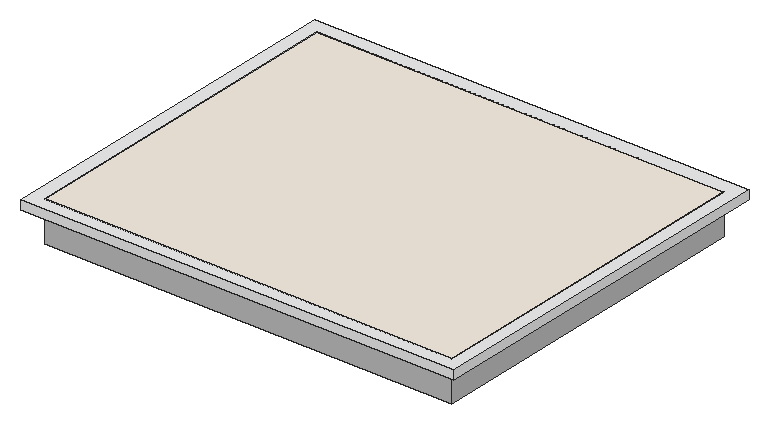
Revit family "Lighting-Industrial-GEWISS-ELIA-HL-LED_HIGHBAY", category Apparecchi per illuminazione, host Superficie, Revit 2019 (continued)
Types (12, lengths in mm): name | Weight (kg): | Weight (kg) | Voltage | Technical sheet | System power | Optic | built-in parameter 1150142 | Lumen output (lm) | Model | IDT | File diagramma fotometrico | Description
    .56 4562.15 4416.81 4273.16 4132.89 3996.85 \r\n3863.34 3734.90 3611.53 3489.85 3367.32 3246.49 3129.03 \r\n3017.49 2910.18 2806.24 2703.15 2602.60 2502.89 2407.40 \r\n2317.84 2231.64 2147.99 2068.56 1990.82 1914.77 1842.10 \r\n1772.81 1704.36 1639.72 1576.35 1515.17 1456.61 1400.42 \r\n1346.85 1295.13 1244.52 1195.84 1149.96 1106.11 1063.26 \r\n1021.86 981.64 943.19 906.94 872.38 838.49 806.13 775.63 \r\n746.73 719.26 692.73 666.62 641.19 616.60 593.36 571.73 \r\n551.45 531.93 513.08 494.92 476.92 458.92 440.84 422.58 \r\n405.09 389.63 375.18 361.49 348.22 335.04 321.78 308.00 \r\n294.40 281.30 269.13 259.08 250.54 244.46 238.71 231.19 \r\n222.74 213.36 203.39 193.00 182.18 171.37 159.84 146.68 \r\n133.15 120.63 107.86 93.63 79.18 65.32 52.15 39.83 28.98 \r\n20.42 13.73 8.89 5.62 3.58 2.89 \r\n12448.54 12447.69 12442.62 12435.86 12424.88 12410.51 \r\n12393.61 12375.87 12354.74 12331.08 12304.04 12273.62 \r\n12241.51 12206.87 12172.22 12135.04 12096.17 12055.61 \r\n12011.67 11966.04 11918.72 11867.18 11814.79 11758.17 \r\n11699.87 11639.87 11576.50 11512.28 11444.68 11374.54 \r\n11304.41 11230.89 11154.84 11076.26 10996.83 10914.86 \r\n10832.06 10747.56 10660.52 10573.48 10483.07 10391.81 \r\n10295.48 10193.23 10085.92 9974.38 9858.61 9737.78 \r\n9611.03 9481.74 9349.08 9212.19 9071.92 8926.58 8774.48 \r\n8611.39 8439.01 8256.49 8068.90 7881.31 7688.65 7492.61 \r\n7293.19 7092.08 6894.35 6706.76 6523.40 6346.80 6173.57 \r\n6003.72 5836.41 5668.26 5501.80 5339.55 5180.69 5020.14 \r\n4863.82 4709.18 4558.77 4413.43 4269.78 4129.51 3991.78 \r\n3859.11 3729.83 3606.46 3484.78 3362.25 3242.26 3126.50 \r\n3015.80 2908.49 2804.55 2702.31 2601.75 2502.89 2407.40 \r\n2318.68 2232.49 2149.68 2070.25 1992.51 1917.30 1845.48 \r\n1774.50 1707.74 1642.76 1579.73 1518.97 1460.50 1404.39 \r\n1350.23 1297.92 1246.80 1197.70 1151.65 1107.54 1064.62 \r\n1022.96 982.65 944.03 907.78 873.14 839.51 807.31 776.72 \r\n747.57 720.11 693.41 667.38 642.03 617.36 593.87 572.06 \r\n551.53 531.59 512.75 494.92 477.51 459.51 441.34 422.92 \r\n405.18 389.63 375.26 361.58 348.31 335.04 321.78 308.09 \r\n294.65 281.47 269.39 258.99 250.29 243.87 237.87 230.52 \r\n222.15 212.86 202.80 192.15 181.08 170.15 158.63 145.50 \r\n132.00 119.42 106.62 92.45 78.12 64.41 51.44 39.39 28.78 \r\n20.33 13.70 8.88 5.60 3.56 2.87 \r\n12448.54 12447.69 12442.62 12435.86 12424.88 12410.51 \r\n12394.46 12375.87 12355.59 12331.93 12305.73 12274.47 \r\n12242.36 12208.56 12173.91 12136.73 12097.02 12056.46 \r\n12013.36 11968.58 11920.41 11868.87 11815.63 11760.71 \r\n11702.41 11642.41 11579.03 11514.81 11447.22 11378.77 \r\n11307.79 11234.27 11159.07 11081.33 11001.06 10919.93 \r\n10837.12 10751.78 10664.74 10576.86 10488.14 10395.19 \r\n10299.70 10198.31 10090.99 9980.29 9864.53 9743.69 \r\n9617.79 9488.50 9355.84 9218.95 9078.68 8934.18 8782.08 \r\n8620.69 8449.15 8267.48 8079.04 7888.92 7696.26 7498.53 \r\n7297.42 7095.47 6896.04 6705.92 6522.55 6345.10 6171.88 \r\n6002.03 5833.88 5665.72 5498.41 5336.17 5175.63 5016.77 \r\n4860.44 4705.80 4554.55 4408.36 4265.56 4124.44 3987.55 \r\n3854.05 3724.76 3600.55 3479.71 3358.03 3238.88 3123.12 \r\n3012.42 2905.95 2802.02 2700.62 2600.06 2502.89 2408.25 \r\n2318.68 2233.34 2151.37 2071.94 1994.20 1919.84 1847.17 \r\n1777.88 1710.28 1645.72 1583.02 1522.61 1464.47 1408.19 \r\n1353.69 1300.62 1249.08 1199.65 1153.26 1108.98 1065.80 \r\n1024.06 983.58 944.88 908.54 873.90 840.44 808.33 777.74 \r\n748.50 720.70 694.08 668.06 642.79 618.03 594.37 572.32 \r\n551.53 531.34 512.32 495.00 478.10 460.10 441.77 423.09 \r\n405.18 389.71 375.35 361.66 348.31 334.96 321.61 308.09 \r\n294.74 281.72 269.64 258.99 249.95 243.19 237.02 229.67 \r\n221.56 212.35 202.29 191.31 180.07 169.03 157.42 144.33 \r\n130.89 118.23 105.37 91.27 77.06 63.50 50.71 38.94 28.60 \r\n20.26 13.68 8.86 5.57 3.54 2.86 \r\n12448.54 12447.69 12442.62 12435.02 12424.88 12410.51 \r\n12394.46 12376.72 12356.43 12332.77 12305.73 12276.16 \r\n12243.20 12209.40 12174.76 12137.58 12098.71 12058.15 \r\n12014.21 11969.42 11922.10 11870.56 11818.17 11762.40 \r\n11704.09 11644.94 11581.57 11517.35 11451.44 11382.15 \r\n11312.01 11238.50 11164.14 11085.56 11005.28 10923.31 \r\n10840.50 10755.16 10668.97 10581.09 10491.52 10399.41 \r\n10304.77 10202.53 10096.06 9985.36 9870.44 9748.76 \r\n9623.70 9494.42 9361.75 9225.71 9085.44 8940.94 8790.53 \r\n8629.14 8459.30 8276.77 8088.34 7897.37 7703.86 7504.44 \r\n7302.49 7098.00 6896.89 6705.07 6520.86 6343.41 6170.19 \r\n6000.34 5830.50 5661.50 5495.03 5332.80 5171.40 5011.69 \r\n4855.37 4701.58 4551.17 4404.98 4262.18 4121.06 3982.48 \r\n3848.97 3719.69 3595.47 3474.64 3353.80 3234.66 3120.59 \r\n3010.73 2904.26 2799.48 2698.09 2599.22 2502.05 2408.25 \r\n2319.52 2234.18 2151.37 2072.78 1995.04 1921.53 1849.70 \r\n1780.41 1712.81 1648.43 1586.23 1526.15 1468.27 1411.91 \r\n1356.90 1303.24 1251.28 1201.34 1154.78 1110.33 1066.90 \r\n1024.98 984.42 945.55 909.22 874.57 841.28 809.26 778.50 \r\n749.18 721.29 694.59 668.65 643.38 618.62 594.71 572.49 \r\n551.45 531.00 511.82 495.00 478.52 460.52 442.10 423.26 \r\n405.26 389.71 375.35 361.66 348.31 334.79 321.44 308.09 \r\n294.90 281.89 269.72 258.99 249.61 242.43 235.92 228.83 \r\n220.88 211.76 201.79 190.63 178.97 167.84 156.22 143.20 \r\n129.83 117.08 104.13 90.09 76.02 62.60 50.01 38.51 28.41 \r\n20.20 13.65 8.85 5.55 3.52 2.84 \r\n12448.54 12446.85 12442.62 12435.02 12424.88 12410.51 \r\n12394.46 12376.72 12356.43 12333.62 12306.58 12277.00 \r\n12244.89 12211.09 12176.45 12138.42 12099.56 12058.15 \r\n12015.06 11971.11 11922.95 11872.25 11819.86 11764.93 \r\n11706.63 11646.63 11584.95 11519.88 11453.97 11385.53 \r\n11315.39 11242.72 11167.52 11089.78 11009.50 10928.38 \r\n10843.88 10759.38 10672.35 10584.47 10494.90 10403.64 \r\n10309.00 10207.60 10101.13 9991.28 9875.51 9754.68 \r\n9628.77 9501.18 9368.51 9231.63 9092.20 8947.70 8797.29 \r\n8637.59 8467.74 8285.22 8096.79 7904.97 7709.78 7509.51 \r\n7306.72 7099.69 6896.89 6705.07 6519.17 6340.88 6167.65 \r\n5996.12 5827.12 5658.12 5490.81 5327.72 5165.48 5007.47 \r\n4850.30 4696.51 4546.94 4400.76 4258.80 4116.84 3978.26 \r\n3843.90 3713.77 3590.40 3469.57 3349.58 3230.43 3117.20 \r\n3008.20 2900.88 2796.10 2695.55 2597.53 2500.35 2408.25 \r\n2319.52 2234.18 2151.37 2072.78 1996.73 1922.37 1851.39 \r\n1782.10 1715.35 1650.88 1589.02 1529.37 1471.65 1415.37 \r\n1359.86 1305.69 1253.22 1203.03 1156.13 1111.34 1067.74 \r\n1025.66 984.93 945.98 909.56 874.91 841.87 810.10 779.26 \r\n749.77 721.71 694.93 669.07 643.97 619.05 595.05 572.49 \r\n551.19 530.49 511.31 494.92 478.86 460.95 442.44 423.43 \r\n405.26 389.63 375.26 361.58 348.14 334.62 321.27 307.92 \r\n294.99 282.06 269.81 258.82 249.11 241.67 235.08 227.81 \r\n220.12 211.25 201.28 189.79 177.96 166.66 155.02 142.10 \r\n128.81 115.98 102.93 88.94 74.99 61.72 49.31 38.09 28.25 \r\n20.13 13.63 8.83 5.53 3.50 2.82 \r\n12448.54 12446.85 12442.62 12435.02 12424.88 12411.36 \r\n12395.31 12377.56 12357.28 12334.47 12307.42 12277.85 \r\n12245.74 12211.94 12176.45 12140.11 12100.40 12058.99 \r\n12016.74 11971.11 11924.64 11873.94 11821.55 11766.62 \r\n11708.32 11649.17 11588.33 11524.11 11457.35 11388.91 \r\n11317.93 11246.10 11170.90 11093.16 11013.73 10931.76 \r\n10848.11 10762.76 10676.57 10587.85 10498.28 10407.86 \r\n10312.38 10211.82 10106.20 9995.50 9879.74 9759.75 \r\n9634.69 9506.25 9373.58 9237.54 9098.11 8953.62 8804.06 \r\n8645.19 8476.19 8294.52 8104.39 7911.73 7715.69 7514.58 \r\n7310.09 7102.22 6896.89 6703.38 6516.64 6339.19 6165.12 \r\n5993.58 5823.74 5653.89 5486.58 5321.81 5160.41 5000.71 \r\n4844.38 4692.28 4541.88 4396.53 4254.57 4112.61 3974.88 \r\n3838.83 3709.55 3586.18 3465.34 3344.51 3227.05 3114.67 \r\n3005.66 2898.35 2792.72 2692.17 2594.15 2498.66 2406.56 \r\n2317.84 2233.34 2151.37 2072.78 1996.73 1924.06 1852.24 \r\n1783.79 1717.04 1652.74 1591.30 1532.07 1474.44 1418.16 \r\n1362.31 1307.64 1254.82 1204.21 1156.97 1112.02 1068.33 \r\n1026.08 985.19 946.23 909.73 875.17 842.30 810.61 779.77 \r\n750.11 721.88 695.01 669.32 644.23 619.30 595.13 572.40 \r\n550.77 529.81 510.63 494.58 479.03 461.20 442.53 423.60 \r\n405.35 389.71 375.18 361.32 347.89 334.37 320.85 307.83 \r\n294.90 282.15 269.89 258.65 248.68 240.91 234.06 226.97 \r\n219.36 210.74 200.86 189.11 176.86 165.50 153.87 141.06 \r\n127.85 114.92 101.77 87.84 74.00 60.87 48.66 37.69 28.09 \r\n20.07 13.60 8.82 5.50 3.48 2.80 \r\n12448.54 12446.85 12442.62 12435.02 12424.88 12411.36 \r\n12395.31 12377.56 12357.28 12335.31 12309.11 12278.69 \r\n12246.58 12212.78 12178.14 12140.11 12101.24 12060.68 \r\n12016.74 11971.96 11924.64 11875.63 11823.24 11767.47 \r\n11710.85 11651.70 11590.02 11526.64 11460.73 11392.29 \r\n11321.31 11249.48 11175.12 11097.38 11017.95 10935.14 \r\n10851.49 10766.14 10679.11 10591.23 10501.66 10410.40 \r\n10316.60 10215.20 10110.42 10000.57 9884.81 9764.82 \r\n9639.76 9510.47 9378.66 9243.45 9104.03 8960.38 8809.97 \r\n8651.95 8483.80 8302.13 8112.00 7918.49 7720.76 7518.81 \r\n7312.63 7103.91 6897.73 6701.69 6514.95 6334.97 6161.74 \r\n5989.36 5818.67 5649.67 5481.52 5316.74 5154.50 4995.64 \r\n4839.31 4686.37 4537.65 4393.15 4249.50 4109.23 3970.65 \r\n3835.45 3704.48 3581.11 3461.96 3341.13 3222.83 3111.29 \r\n3002.28 2894.97 2790.19 2688.79 2591.61 2496.13 2404.02 \r\n2316.14 2231.64 2150.52 2071.94 1995.89 1924.06 1853.09 \r\n1784.64 1717.88 1653.92 1592.91 1534.01 1476.64 1420.36 \r\n1364.08 1309.16 1255.92 1205.05 1157.65 1112.36 1068.50 \r\n1026.17 985.19 946.06 909.56 875.08 842.38 810.86 780.02 \r\n750.28 721.97 694.93 669.24 644.40 619.30 595.05 572.06 \r\n550.18 529.14 509.87 494.32 479.20 461.29 442.53 423.51 \r\n405.35 389.63 375.01 361.07 347.55 333.94 320.51 307.50 \r\n294.82 282.15 269.81 258.40 248.01 240.15 233.05 226.04 \r\n218.60 210.15 200.35 188.35 175.84 164.38 152.75 140.06 \r\n126.97 113.96 100.71 86.81 73.07 60.08 48.04 37.32 27.94 \r\n20.00 13.57 8.80 5.48 3.46 2.79 \r\n12448.54 12446.85 12442.62 12435.02 12424.88 12411.36 \r\n12395.31 12377.56 12358.97 12336.15 12309.96 12279.54 \r\n12247.43 12214.47 12178.98 12141.81 12102.09 12060.68 \r\n12017.59 11973.65 11926.33 11876.47 11824.08 11769.16 \r\n11712.54 11653.39 11592.56 11529.18 11464.11 11395.67 \r\n11324.69 11252.86 11178.50 11100.76 11020.49 10938.52 \r\n10854.87 10769.52 10682.49 10594.61 10504.19 10413.78 \r\n10319.98 10219.43 10114.65 10004.80 9889.03 9769.04 \r\n9643.98 9515.54 9383.72 9247.68 9109.10 8965.45 8815.88 \r\n8658.72 8490.56 8308.88 8118.76 7924.41 7725.83 7522.19 \r\n7316.01 7104.76 6897.73 6700.85 6512.41 6332.43 6158.36 \r\n5985.98 5815.29 5644.60 5476.44 5310.82 5148.58 4989.72 \r\n4833.40 4681.30 4532.58 4388.08 4246.13 4105.01 3967.27 \r\n3831.23 3701.10 3576.88 3457.74 3336.90 3219.45 3108.75 \r\n2999.75 2891.59 2785.12 2684.56 2587.39 2492.75 2401.49 \r\n2314.45 2229.95 2147.99 2070.25 1995.04 1922.37 1853.09 \r\n1783.79 1717.88 1654.43 1593.84 1535.20 1477.90 1421.63 \r\n1365.18 1309.92 1256.51 1205.39 1157.65 1112.27 1068.25 \r\n1025.83 984.76 945.55 909.05 874.66 842.21 810.86 779.85 \r\n750.02 721.55 694.51 668.99 644.06 619.05 594.71 571.47 \r\n549.42 528.29 509.03 493.82 479.03 461.12 442.27 423.43 \r\n405.26 389.38 374.67 360.73 347.13 333.44 319.92 307.16 \r\n294.65 281.98 269.72 257.89 247.42 239.30 232.12 225.11 \r\n217.84 209.48 199.84 187.67 174.83 163.30 151.69 139.13 \r\n126.16 113.07 99.73 85.86 72.21 59.35 47.48 36.98 27.79 \r\n19.94 13.54 8.78 5.46 3.44 2.77 \r\n12448.54 12446.85 12442.62 12435.02 12424.88 12411.36 \r\n12396.15 12378.40 12358.97 12336.15 12309.96 12280.38 \r\n12249.12 12214.47 12179.83 12141.81 12102.93 12061.53 \r\n12018.43 11973.65 11926.33 11878.16 11825.77 11771.69 \r\n11715.08 11656.77 11595.93 11533.41 11467.49 11399.05 \r\n11328.91 11256.24 11181.04 11104.14 11023.02 10941.91 \r\n10857.41 10772.06 10685.87 10597.99 10508.42 10416.31 \r\n10322.52 10222.81 10118.03 10008.18 9894.10 9774.11 \r\n9649.06 9520.61 9387.95 9251.91 9112.48 8969.67 8819.26 \r\n8661.25 8493.94 8312.26 8122.14 7927.79 7728.37 7524.72 \r\n7317.70 7107.29 6897.73 6700.00 6510.72 6329.89 6154.13 \r\n5981.75 5810.22 5638.68 5469.68 5303.22 5140.98 4982.12 \r\n4827.48 4675.38 4527.51 4383.86 4242.74 4102.47 3964.74 \r\n3830.38 3699.41 3575.19 3455.20 3335.21 3216.91 3104.53 \r\n2994.68 2885.67 2780.05 2677.80 2578.94 2483.45 2392.20 \r\n2304.31 2221.50 2140.38 2062.64 1987.44 1915.61 1845.48 \r\n1777.88 1711.97 1648.85 1588.35 1529.79 1472.41 1416.05 \r\n1359.94 1305.10 1252.12 1201.42 1153.85 1108.47 1064.53 \r\n1022.28 981.13 941.84 905.67 871.53 839.25 808.07 777.23 \r\n747.23 718.93 691.97 666.37 641.44 616.60 592.26 568.85 \r\n546.80 526.01 507.17 492.13 477.51 459.51 440.75 422.42 \r\n404.75 388.53 373.41 359.38 345.86 332.17 318.73 306.06 \r\n293.55 280.88 268.54 256.80 246.15 238.46 231.53 224.18 \r\n216.40 208.29 199.00 186.75 173.73 162.24 150.75 138.40 \r\n125.64 112.60 99.26 85.38 71.73 58.96 47.19 36.77 27.64 \r\n19.82 13.45 8.72 5.44 3.43 2.76 \r\n12448.54 12446.85 12442.62 12435.02 12424.88 12411.36 \r\n12396.15 12378.40 12359.81 12337.00 12310.81 12281.23 \r\n12249.12 12215.32 12179.83 12142.65 12102.93 12061.53 \r\n12019.28 11974.49 11927.17 11879.01 11828.31 11773.38 \r\n11716.77 11659.31 11599.31 11535.94 11470.03 11402.43 \r\n11331.45 11258.78 11184.42 11106.68 11026.41 10943.59 \r\n10860.78 10774.59 10688.41 10599.68 10510.95 10419.69 \r\n10324.21 10225.34 10121.41 10013.25 9898.33 9778.34 \r\n9653.28 9524.84 9392.17 9256.13 9116.70 8972.21 8821.80 \r\n8663.78 8495.63 8314.80 8125.52 7930.32 7730.90 7527.26 \r\n7319.39 7107.29 6898.58 6699.16 6508.19 6326.51 6149.91 \r\n5976.68 5805.15 5633.61 5463.77 5296.46 5133.38 4975.36 \r\n4820.72 4669.47 4522.44 4379.63 4239.36 4099.10 3963.05 \r\n3828.69 3698.56 3575.19 3453.51 3333.52 3215.22 3101.15 \r\n2989.61 2880.60 2773.29 2669.35 2568.80 2473.31 2382.05 \r\n2295.86 2212.21 2131.93 2054.19 1979.84 1908.01 1837.87 \r\n1770.27 1706.05 1642.68 1582.26 1523.53 1465.99 1409.63 \r\n1354.03 1299.78 1247.30 1197.03 1149.62 1104.25 1060.47 \r\n1018.31 977.16 937.95 901.95 868.07 835.96 805.03 774.19 \r\n744.36 716.22 689.27 663.49 638.65 613.81 589.56 566.07 \r\n543.93 523.65 505.23 490.44 475.82 457.65 438.98 421.32 \r\n404.16 387.52 371.88 357.86 344.51 330.90 317.47 304.96 \r\n292.54 279.78 267.44 255.53 244.88 237.53 231.02 223.16 \r\n214.97 207.19 198.07 185.82 172.72 161.25 149.88 137.75 \r\n125.20 112.23 98.90 85.00 71.33 58.64 46.97 36.59 27.50 \r\n19.71 13.36 8.67 5.42 3.42 2.75 \r\n12448.54 12446.85 12442.62 12435.02 12424.88 12411.36 \r\n12396.15 12379.25 12359.81 12337.00 12310.81 12281.23 \r\n12249.97 12216.16 12180.67 12142.65 12102.93 12061.53 \r\n12018.43 11974.49 11928.02 11880.70 11830.00 11775.07 \r\n11720.15 11661.84 11601.00 11539.32 11473.41 11404.97 \r\n11333.98 11262.16 11186.95 11108.37 11028.94 10946.13 \r\n10862.47 10777.13 10690.94 10603.06 10513.49 10421.38 \r\n10327.59 10227.88 10124.79 10016.63 9901.71 9782.56 \r\n9658.35 9529.06 9394.71 9259.51 9119.24 8975.59 8824.33 \r\n8665.47 8497.32 8316.49 8128.05 7932.86 7732.59 7528.10 \r\n7321.08 7108.98 6897.73 6698.31 6506.50 6323.98 6146.53 \r\n5971.61 5800.08 5628.55 5457.85 5290.55 5126.61 4967.75 \r\n4814.81 4664.40 4518.22 4375.41 4235.14 4097.40 3961.36 \r\n3827.85 3698.56 3574.35 3452.67 3331.84 3212.69 3098.61 \r\n2985.38 2874.69 2767.37 2661.75 2559.50 2463.17 2371.91 \r\n2285.72 2202.91 2122.64 2044.90 1970.54 1899.56 1830.27 \r\n1762.67 1698.62 1636.09 1575.67 1516.86 1459.15 1402.78 \r\n1347.61 1294.03 1242.15 1192.38 1145.06 1099.77 1056.25 \r\n1014.25 973.02 933.89 898.07 864.52 832.58 801.74 770.98 \r\n741.23 713.18 686.39 660.62 635.61 610.85 586.77 563.19 \r\n541.14 521.20 503.28 488.58 474.04 455.79 437.03 420.05 \r\n403.49 386.59 370.28 356.34 343.15 329.55 316.28 303.69 \r\n291.44 278.68 266.26 254.18 243.70 236.68 230.52 222.32 \r\n213.70 206.01 197.22 184.89 171.70 160.33 149.08 137.19 \r\n124.84 111.95 98.65 84.71 71.02 58.40 46.80 36.45 27.36 \r\n19.60 13.27 8.62 5.40 3.42 2.75 \r\n12448.54 12446.85 12442.62 12435.02 12424.88 12411.36 \r\n12396.15 12380.09 12359.81 12336.15 12311.65 12282.07 \r\n12250.81 12216.16 12180.67 12142.65 12102.93 12061.53 \r\n12019.28 11974.49 11928.86 11880.70 11830.84 11777.61 \r\n11721.84 11664.38 11604.38 11542.70 11477.63 11408.34 \r\n11336.52 11264.69 11188.64 11110.91 11030.63 10947.82 \r\n10864.16 10779.66 10692.63 10604.75 10516.02 10423.92 \r\n10329.28 10230.41 10127.32 10018.32 9905.09 9785.94 \r\n9660.88 9531.60 9398.09 9262.04 9122.62 8977.28 8826.02 \r\n8666.32 8497.32 8317.33 8129.74 7934.55 7734.28
